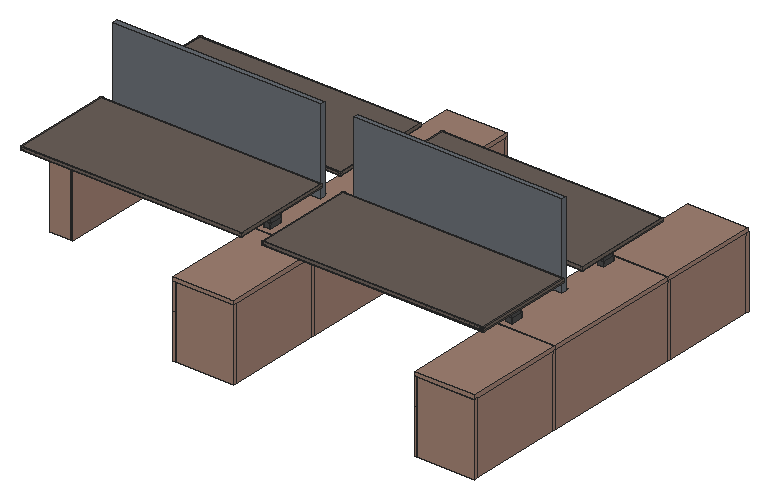
Revit family "T200195", category Furniture, Revit 2015 (continued)
Definition of nested family "STAKS CROSS RAIL BASIC POWER Double Sided Three Circuit"
  Automatic sketch dimensions
    Extrusion 12 sketch curve to Extrusion 12 sketch curve = 0.05878"  (x2)
    plane 1 "Center (Front/Back)" to Extrusion 12 sketch curve = 0.56603"
    Extrusion 12 sketch curve to Extrusion 12 sketch curve = 0.02458"  (x2)
    Extrusion 12 sketch curve to Extrusion 12 sketch curve = 0.02775"  (x2)
    Extrusion 12 sketch curve to Extrusion 12 sketch curve = 0.02814"  (x2)
    Extrusion 12 sketch curve to plane 1 "Center (Front/Back)" = 0.10561"
    Extrusion 12 sketch curve to plane 1 "Center (Front/Back)" = 0.56603"
    Extrusion 12 sketch curve to Extrusion 12 sketch curve = 0.00529"
    Extrusion 12 sketch curve to Extrusion 12 sketch curve = 0.02224"  (x2)
    Extrusion 12 sketch curve to Extrusion 12 sketch curve = 0.02753"
    Extrusion 12 sketch curve to Extrusion 12 sketch curve = 0.00969"  (x2)
    Extrusion 12 sketch curve to Extrusion 12 sketch curve = 0.096"
    Extrusion 12 sketch curve to Extrusion 12 sketch curve = 0.12078"  (x2)
    Extrusion 12 sketch curve to Extrusion 12 sketch curve = 0.17531"  (x2)
    Extrusion 12 sketch curve to Extrusion 12 sketch curve = 0.02752"  (x2)
    Extrusion 12 sketch curve to Extrusion 12 sketch curve = 0.40998"
    Extrusion 12 sketch curve to Extrusion 12 sketch curve = 0.00"
    Extrusion 12 sketch curve to Extrusion 12 sketch curve = 0.09356"  (x2)
    Extrusion 13 sketch curve to plane 41 = 0.29039"
    Extrusion 13 sketch curve to plane 41 = 0.32576"
    plane 4 to Extrusion 13 sketch curve = 2.00319"
    Extrusion 13 sketch curve to Extrusion 13 sketch curve = 0.05701"
    Extrusion 13 sketch curve to Extrusion 13 sketch curve = 0.0537"
    Extrusion 13 sketch curve to Extrusion 13 sketch curve = 0.0963"
    Extrusion 13 sketch curve to plane 33 = 0.11622"
    Extrusion 13 sketch curve to plane 33 = 0.25829"
    Extrusion 13 sketch curve to Extrusion 13 sketch curve = 0.04291"
    Extrusion 13 sketch curve to Extrusion 13 sketch curve = 0.06852"
    Extrusion 13 sketch curve to Extrusion 13 sketch curve = 0.14662"
    Extrusion 13 sketch curve to Extrusion 13 sketch curve = 0.08504"
    Extrusion 13 sketch curve to Extrusion 13 sketch curve = 0.04427"
    Extrusion 14 sketch curve to plane 32 = 0.36951"
    Extrusion 14 sketch curve to plane 32 = 0.2588"
    plane 4 to Extrusion 14 sketch curve = 1.6227"
    Extrusion 14 sketch curve to Extrusion 14 sketch curve = 0.03538"
    Extrusion 14 sketch curve to Extrusion 14 sketch curve = 0.0537"
    Extrusion 14 sketch curve to Extrusion 14 sketch curve = 0.0963"
    plane 32 to Extrusion 14 sketch curve = 0.11881"
    plane 32 to Extrusion 14 sketch curve = 0.26088"
    Extrusion 14 sketch curve to Extrusion 14 sketch curve = 0.04427"
    Extrusion 14 sketch curve to Extrusion 14 sketch curve = 0.12931"
    Extrusion 14 sketch curve to Extrusion 14 sketch curve = 0.14662"
    Extrusion 14 sketch curve to Extrusion 14 sketch curve = 0.06164"
    Extrusion 14 sketch curve to Extrusion 14 sketch curve = 0.10456"
    plane 29 to Extrusion 15 sketch curve = 0.00"
    plane 19 to Extrusion 15 sketch curve = 0.52525"
    Extrusion 15 sketch curve to plane 29 = 0.37191"  (x2)
    plane 41 to Extrusion 15 sketch curve = 0.208"
    Extrusion 15 sketch curve to Extrusion 15 sketch curve = 1.01094"  (x2)
    Extrusion 16 sketch curve to plane 38 = 0.00"
    plane 4 to Extrusion 16 sketch curve = 1.77364"
    Extrusion 16 sketch curve to Extrusion 16 sketch curve = 0.37191"  (x2)
    Extrusion 16 sketch curve to plane 38 = 0.542"
    Extrusion 16 sketch curve to Extrusion 16 sketch curve = 1.01094"
    plane 19 to Extrusion 16 sketch curve = 0.52525"
    plane 29 to Extrusion 17 sketch curve = 0.00"
    Extrusion 17 sketch curve to plane 38 = 0.00"
    plane 19 to Extrusion 17 sketch curve = 0.58111"
    Extrusion 17 sketch curve to plane 41 = 0.19353"
    Extrusion 17 sketch curve to plane 41 = 0.21308"
    Extrusion 17 sketch curve to plane 41 = 0.3051"
    Extrusion 17 sketch curve to plane 41 = 0.30563"
    Extrusion 17 sketch curve to plane 32 = 0.35686"
    Extrusion 17 sketch curve to plane 32 = 0.35739"
    Extrusion 17 sketch curve to Extrusion 17 sketch curve = 0.09255"
    Extrusion 17 sketch curve to Extrusion 17 sketch curve = 0.11157"
    Extrusion 17 sketch curve to Extrusion 17 sketch curve = 0.41292"  (x2)
    Extrusion 17 sketch curve to Extrusion 17 sketch curve = 1.08434"  (x2)
    Extrusion 17 sketch curve to Extrusion 17 sketch curve = 0.35781"
    Extrusion 18 sketch curve to plane 32 = 0.1445"
    plane 32 to Extrusion 18 sketch curve = 0.22401"
    Extrusion 18 sketch curve to Extrusion 18 sketch curve = 0.01954"  (x2)
    Extrusion 18 sketch curve to Extrusion 18 sketch curve = 0.10014"  (x2)
    Extrusion 18 sketch curve to Extrusion 18 sketch curve = 0.0228"  (x2)
    Extrusion 18 sketch curve to plane 33 = 0.37235"
    plane 33 to Extrusion 18 sketch curve = 0.13863"
    plane 4 to Extrusion 18 sketch curve = 1.00"
    Extrusion 18 sketch curve to Extrusion 18 sketch curve = 0.02294"
    Extrusion 18 sketch curve to Extrusion 18 sketch curve = 0.63238"  (x2)
    Extrusion 18 sketch curve to Extrusion 18 sketch curve = 0.10"  (x2)
    Extrusion 19 sketch curve to plane 11 = 0.00"
    Extrusion 19 sketch curve to plane 45 = 0.17982"  (x2)
    plane 19 to Extrusion 19 sketch curve = 0.52526"
    plane 12 to Extrusion 19 sketch curve = 0.07916"
    plane 4 to Extrusion 19 sketch curve = 1.77363"
    plane 46 to Extrusion 20 sketch curve = 0.1746"
    plane 19 to Extrusion 20 sketch curve = 0.52526"
    Extrusion 20 sketch curve to Extrusion 20 sketch curve = 0.00"
    Extrusion 20 sketch curve to plane 47 = 0.17518"  (x2)
    Extrusion 20 sketch curve to plane 11 = 0.25423"
    plane 50 to Extrusion 20 sketch curve = 0.57452"
    plane 4 to Extrusion 20 sketch curve = 1.77363"
    Extrusion 21 sketch curve to plane 42 = 0.00"  (x2)
    Extrusion 21 sketch curve to plane 11 = 0.00"  (x7)
    plane 42 to Extrusion 21 sketch curve = 0.25"  (x2)
    plane 19 to Extrusion 21 sketch curve = 0.72371"
    Extrusion 21 sketch curve to Extrusion 21 sketch curve = 0.00"  (x5)
    Extrusion 21 sketch curve to Extrusion 21 sketch curve = 0.03401"  (x2)
    Extrusion 21 sketch curve to Extrusion 21 sketch curve = 0.0625"  (x4)
    Extrusion 21 sketch curve to Extrusion 21 sketch curve = 0.125"  (x2)
    Extrusion 21 sketch curve to Extrusion 21 sketch curve = 0.1875"  (x5)
    Extrusion 21 sketch curve to Extrusion 21 sketch curve = 0.04687"
    Extrusion 21 sketch curve to Extrusion 21 sketch curve = 0.04688"  (x3)
    Extrusion 22 sketch curve to plane 45 = 0.15394"
    plane 19 to Extrusion 22 sketch curve = 0.59871"
    plane 11 to Extrusion 22 sketch curve = 0.38868"
    plane 46 to Extrusion 22 sketch curve = 0.14943"  (x2)
    plane 12 to Extrusion 22 sketch curve = 0.07916"
    plane 50 to Extrusion 22 sketch curve = 0.57452"
    plane 4 to Extrusion 22 sketch curve = 1.84707"
    plane 29 to Extrusion 23 sketch curve = 0.00"
    plane 48 to Extrusion 23 sketch curve = 0.17982"  (x2)
    Extrusion 23 sketch curve to plane 19 = 0.52526"
    Extrusion 23 sketch curve to plane 30 = 0.07916"
    Extrusion 23 sketch curve to plane 4 = 1.77363"
    Extrusion 24 sketch curve to plane 49 = 0.1746"
    Extrusion 24 sketch curve to plane 19 = 0.52526"
    Extrusion 24 sketch curve to Extrusion 24 sketch curve = 0.00"
    plane 50 to Extrusion 24 sketch curve = 0.17518"  (x2)
    plane 29 to Extrusion 24 sketch curve = 0.25423"
    Extrusion 24 sketch curve to plane 47 = 0.57452"
    Extrusion 24 sketch curve to plane 4 = 1.77363"
    plane 41 to Extrusion 25 sketch curve = 0.00"  (x2)
    plane 29 to Extrusion 25 sketch curve = 0.00"  (x7)
    Extrusion 25 sketch curve to plane 41 = 0.25"  (x2)
    Extrusion 25 sketch curve to plane 19 = 0.72371"
    Extrusion 25 sketch curve to Extrusion 25 sketch curve = 0.00"  (x5)
    Extrusion 25 sketch curve to Extrusion 25 sketch curve = 0.03401"  (x2)
    Extrusion 25 sketch curve to Extrusion 25 sketch curve = 0.0625"  (x4)
    Extrusion 25 sketch curve to Extrusion 25 sketch curve = 0.125"  (x2)
    Extrusion 25 sketch curve to Extrusion 25 sketch curve = 0.1875"  (x5)
    Extrusion 25 sketch curve to Extrusion 25 sketch curve = 0.04687"
    Extrusion 25 sketch curve to Extrusion 25 sketch curve = 0.04688"  (x3)
    plane 48 to Extrusion 26 sketch curve = 0.15394"
    Extrusion 26 sketch curve to plane 19 = 0.59871"
    Extrusion 26 sketch curve to plane 29 = 0.38868"
    Extrusion 26 sketch curve to plane 49 = 0.14943"  (x2)
    Extrusion 26 sketch curve to plane 30 = 0.07916"
    Extrusion 26 sketch curve to plane 47 = 0.57452"
    Extrusion 26 sketch curve to plane 4 = 1.84707"
    Extrusion 27 sketch curve to plane 1 "Center (Front/Back)" = 0.00"
    plane 19 to Extrusion 27 sketch curve = 1.05899"
    Extrusion 27 sketch curve to Extrusion 27 sketch curve = 0.47722"
    plane 15 to Extrusion 28 sketch curve = 0.15728"
    Extrusion 28 sketch curve to plane 15 = 0.14273"
    Extrusion 28 sketch curve to plane 1 "Center (Front/Back)" = 0.84"
    Extrusion 28 sketch curve to plane 15 = 0.03272"  (x2)
    plane 1 "Center (Front/Back)" to Extrusion 28 sketch curve = 0.65"
    Extrusion 29 sketch curve to plane 14 = 0.15728"
    plane 14 to Extrusion 29 sketch curve = 0.14273"
    plane 1 "Center (Front/Back)" to Extrusion 29 sketch curve = 0.84"
    plane 14 to Extrusion 29 sketch curve = 0.03272"  (x2)
    Extrusion 29 sketch curve to plane 1 "Center (Front/Back)" = 0.65"
    Extrusion 30 sketch curve to plane 12 = 0.00"
    Extrusion 30 sketch curve to plane 13 = 0.00"
    Extrusion 30 sketch curve to plane 1 "Center (Front/Back)" = 0.175"
    plane 12 to Extrusion 30 sketch curve = 0.125"
    Extrusion 30 sketch curve to plane 13 = 0.125"
    plane 1 "Center (Front/Back)" to Extrusion 30 sketch curve = 0.65353"
    Extrusion 31 sketch curve to Extrusion 31 sketch curve = 0.00"  (x2)
    plane 1 "Center (Front/Back)" to Extrusion 31 sketch curve = 0.05"
    Extrusion 31 sketch curve to plane 1 "Center (Front/Back)" = 0.175"
    plane 4 to Extrusion 31 sketch curve = 1.00"
    Extrusion 31 sketch curve to plane 1 "Center (Front/Back)" = 0.05"
    Extrusion 31 sketch curve to Extrusion 31 sketch curve = 0.31054"
    plane 33 to Extrusion 32 sketch curve = 0.15728"
    Extrusion 32 sketch curve to plane 33 = 0.14273"
    plane 1 "Center (Front/Back)" to Extrusion 32 sketch curve = 0.84"
    Extrusion 32 sketch curve to plane 33 = 0.03272"  (x2)
    Extrusion 32 sketch curve to plane 1 "Center (Front/Back)" = 0.65"
    Extrusion 33 sketch curve to plane 32 = 0.15728"
    plane 32 to Extrusion 33 sketch curve = 0.14273"
    Extrusion 33 sketch curve to plane 1 "Center (Front/Back)" = 0.84"
    plane 32 to Extrusion 33 sketch curve = 0.03272"  (x2)
    plane 1 "Center (Front/Back)" to Extrusion 33 sketch curve = 0.65"
    Extrusion 34 sketch curve to plane 30 = 0.00"
    Extrusion 34 sketch curve to plane 31 = 0.00"
    Extrusion 34 sketch curve to plane 31 = 0.125"
    plane 1 "Center (Front/Back)" to Extrusion 34 sketch curve = 0.65353"
    plane 30 to Extrusion 34 sketch curve = 0.125"
    Extrusion 34 sketch curve to plane 1 "Center (Front/Back)" = 0.05"
    Extrusion 35 sketch curve to Extrusion 35 sketch curve = 0.00"  (x2)
    plane 1 "Center (Front/Back)" to Extrusion 35 sketch curve = 0.05"
    plane 4 to Extrusion 35 sketch curve = 1.53554"
    Extrusion 35 sketch curve to plane 1 "Center (Front/Back)" = 0.05"
    Extrusion 35 sketch curve to plane 1 "Center (Front/Back)" = 0.175"
    Extrusion 35 sketch curve to Extrusion 35 sketch curve = 0.31054"
    Extrusion 36 sketch curve to plane 16 = 2.91339"
    Extrusion 36 sketch curve to plane 34 = 2.91339"
    plane 54 to Extrusion 36 sketch curve = 1.00"
    plane 53 to Extrusion 36 sketch curve = 1.00"
    plane 19 to Extrusion 37 sketch curve = 1.01441"
    Extrusion 37 sketch curve to plane 1 "Center (Front/Back)" = 0.67292"
    plane 19 to Extrusion 37 sketch curve = 0.88941"
    Extrusion 37 sketch curve to Extrusion 37 sketch curve = 0.125"  (x2)
    Extrusion 37 sketch curve to plane 57 = 0.00"  (x2)
    plane 1 "Center (Front/Back)" to Extrusion 37 sketch curve = 0.67292"
    Extrusion 38 sketch curve to plane 53 = 0.25"
    Extrusion 38 sketch curve to plane 54 = 0.25"
    radius of Extrusion 2 sketch curve = 0.0625"
    radius of Extrusion 11 sketch curve = 0.0625"
Definition of nested family "STAKS PET WIRE MANAGER to Underside of Cross Rail"
  Parameters (values of type "STAKS PET WIRE MANAGER to Underside of Cross Rail 32in")
    Width = 32.00"
    Wire Manager Material = none
    URL = "http://www.ofs.com/"
    Height Above Floor [instance] = 20.00"
    Height = 5.00"
    Model = "WM-P32CR"
    Manufacturer = "OFS"
    Description = "OFS STAKS PET WIRE MANAGER to Underside of Cross Rail 32\" Width, for use with 54\" Worksurface"
    Depth = 6.00"
    Copyright © = "© 2018 OFS"
    Catalog = "https://ofs.com/products/open-plan/benching/staks"
    Authoring Version = "Autodesk Revit Architecture 2013"
    Assembly Code = "E2020200"
  Types (4): name | Width | Model | Description
    (no name) | 32.00" | "WM-P32CR" | "OFS STAKS PET WIRE MANAGER to Underside of Cross Rail 32\" Width, for use with 54\" Worksurface"
    STAKS PET WIRE MANAGER to Underside of Cross Rail 32in | 32.00" | "WM-P32CR" | "OFS STAKS PET WIRE MANAGER to Underside of Cross Rail 32\" Width, for use with 54\" Worksurface"
    STAKS PET WIRE MANAGER to Underside of Cross Rail 44in | 44.00" | "WM-P44CR" | "OFS STAKS PET WIRE MANAGER to Underside of Cross Rail 44\" Width, for use with 60\" and 66\" Worksurfaces"
    STAKS PET WIRE MANAGER to Underside of Cross Rail 56in | 56.00" | "WM-P56CR" | "OFS STAKS PET WIRE MANAGER to Underside of Cross Rail 56\" Width, for use with 72\" Worksurface"
  Reference planes (in)
    plane 1 "Center (Front/Back)": y = 0
    plane 2: z = 0
    plane 3 "Center (Left/Right)": x = 0
    plane 4: x = 16
    plane 5: x = -16
    plane 6: y = 3
    plane 7: y = -3
    plane 8: z = 15
    plane 9: z = 20
    plane 10: x = -13.75
    plane 11: x = 13.75
    plane 12: z = 15.25
  Forms (in)
    Extrusion 1, solid, material <- "Wire Manager Material"
      sketch origin (0, 0, 0) x (0, 1, 0) y (0, 0, 1)
        loop
          line (-1.16789, 15) -> (1.16789, 15)
          arc (1.16789, 15) -> (1.40707, 15.04758) -> (1.60983, 15.18306) r 0.625
          line (1.60983, 15.18306) -> (3, 16.57322) -> (2.82322, 16.75) -> (1.43306, 15.35983)
          arc (1.43306, 15.35983) -> (1.3114, 15.27855) -> (1.16789, 15.25) r 0.375
          line (1.16789, 15.25) -> (-1.16789, 15.25)
          arc (-1.16789, 15.25) -> (-1.3114, 15.27855) -> (-1.43306, 15.35983) r 0.375
          line (-1.43306, 15.35983) -> (-2.82322, 16.75) -> (-3, 16.57322) -> (-1.60983, 15.18306)
          arc (-1.60983, 15.18306) -> (-1.40707, 15.04758) -> (-1.16789, 15) r 0.625
      from -16 to 16
    Extrusion 2, solid, material <- "Wire Manager Material"
      sketch origin (0, 0, 0) x (1, 0, 0) y (0, 1, 0)
        loop
          circle (-13.75, 0) r 0.375
      from 15.25 to 20
    Extrusion 3, solid, material <- "Wire Manager Material"
      sketch origin (0, 0, 0) x (-1, 0, 0) y (0, -1, 0)
        loop
          circle (-13.75, 0) r 0.375
      from 15.25 to 20
  Dimensions and locks (in)
    equal spacing: plane 5, plane 3 "Center (Left/Right)", plane 4
    "Width": plane 5 to plane 4
    "Depth": plane 6 to plane 7
    equal spacing: plane 7, plane 1 "Center (Front/Back)", plane 6
    "Height": plane 9 to plane 8
    "Height Above Floor": plane 9 to level
    locked: plane 5 to plane 10 at 2.25
    locked: plane 4 to plane 11 at 2.25
    locked: plane 12 to plane 8 at 0.25
    aligned and locked: level to plane 2
    aligned and locked: plane 5 to Extrusion 1
    aligned and locked: plane 4 to Extrusion 1
    aligned and locked: plane 9 to Extrusion 2
    aligned and locked: plane 9 to Extrusion 3
    aligned and locked: Extrusion 3 to plane 12
    aligned and locked: Extrusion 2 to plane 12
  Automatic sketch dimensions
    Extrusion 1 sketch curve to Extrusion 1 sketch curve = 0.00"  (x4)
    Extrusion 1 sketch curve to plane 7 = 0.00"
    Extrusion 1 sketch curve to plane 8 = 0.00"
    Extrusion 1 sketch curve to plane 6 = 0.00"
    plane 8 to Extrusion 1 sketch curve = 0.18306"  (x2)
    Extrusion 1 sketch curve to plane 7 = 0.17678"
    Extrusion 1 sketch curve to plane 7 = 1.39017"
    plane 8 to Extrusion 1 sketch curve = 0.35983"  (x2)
    Extrusion 1 sketch curve to Extrusion 1 sketch curve = 0.17678"
    Extrusion 1 sketch curve to Extrusion 1 sketch curve = 0.26517"  (x2)
    Extrusion 1 sketch curve to plane 1 "Center (Front/Back)" = 1.16789"
    Extrusion 1 sketch curve to plane 6 = 0.17678"
    plane 1 "Center (Front/Back)" to Extrusion 2 sketch curve = 0.00"
    Extrusion 2 sketch curve to plane 10 = 0.00"
    plane 1 "Center (Front/Back)" to Extrusion 3 sketch curve = 0.00"
    Extrusion 3 sketch curve to plane 11 = 0.00"
    radius of Extrusion 2 sketch curve = 0.375"
    radius of Extrusion 3 sketch curve = 0.375"
